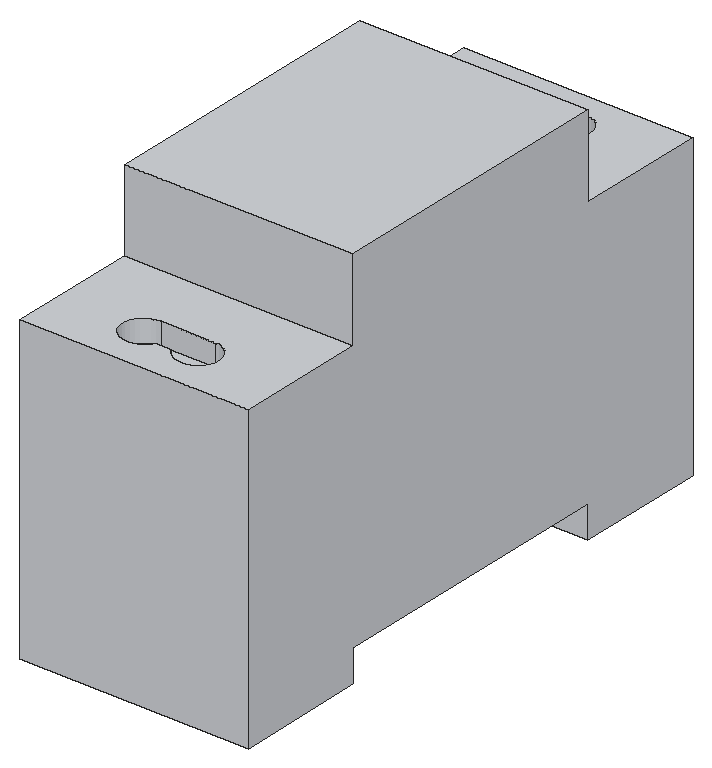
Revit family "Power-ModularDevices-GEWISS-90AM-CONTACTORS_25A", category Apparecchi elettrici, host Superficie, Revit 2016
Family settings
  Host = Superficie
  Mantenere orientamento annotazione = Sì
  Tipo di parte = Normale
  Quota connettore circolare = Usa diametro
  Numero OmniClass = 23.80.30.00
  Titolo OmniClass = Distribution Devices
  Taglio con vuoti quando caricato = No
  Condiviso = No
  Punto di calcolo locali = Sì
Parameters (values of type "GWD6718 - CONTACTOR 25A 3NO+1NC 230V 2M")
  dIST sIMBOLO [instance] = 6.4 mm  # constant formula
  Version file RFA = "18.0"
  URL = "https://www.gewiss.com/ww/en"
  Technical sheet = "https://www.gewiss.com/ww/en/search?q=GWD6718"
  TEXT LABEL = "A"
  Realized by GEWISS S.p.A. = ""
  Rated current (AC-1/AC-7a) = "25 A - CTR25"
  Default Elevation = 1219.2 mm
  Produttore = "GEWISS S.p.A."
  Potenza in Watt = 0 V
  Numero poli = 1
  No. Chorus modules = "2"
  Modello = "GWD6718"
  Immagine tipo = GWD6718.jpg
  IFC.TypeObject = ""
  IFC.ExportType = ""
  IFC.ExportAs = ""
  IDT = "92cc9d4e-eaa0-4e49-bd7b-0148e15aca92"
  IDF = "e388ba80-26c5-4a98-97bc-c528305914bb"
  Fin_contattore = none
  Electrocod = "1712                "
  EAN code = "8011564809529"
  Dist_dalla barra din [instance] = 5 mm
  Descrizione = "CONTACTOR 25A 3NO+1NC 230V 2M"
  D = 45 mm  # constant formula
  Control coil voltage (V) = "230Vac - 220Vdc"
  Contacts = "3NO+1NC"
  Catalogue Range = "90 AM"
  Catalogue = "POWER"
  COBie.Tagnumber = ""
  COBie.CreatedOn = ""
  COBie.CreatebBy = ""
  COBie.ComponentRegisterItemID = ""
  COBie.Component.TagNumber = ""
  COBie.Component.Space = ""
  COBie.Component.SerialNumber = ""
  COBie.Component.InstallationDate = ""
  COBie.Component.Description = ""
  COBie.Component.BarCode = ""
  C = 65 mm  # constant formula
  B = 85 mm  # constant formula
  A = 36 mm  # constant formula
Types (9, lengths in mm): name | URL | Technical sheet | Produttore | Modello | Immagine tipo | IDT | EAN code | Descrizione | Control coil voltage (V) | Contacts
  (no name) | 0 | "" | "GEWISS" | "GWD6711" | GWD6711.jpg | "" | "" | "CONTATTORE 25A 2NA 24V 2M" | "" | ""
  GWD6718 - CONTACTOR 25A 3NO+1NC 230V 2M | "https://www.gewiss.com/ww/en" | "https://www.gewiss.com/ww/en/search?q=GWD6718" | "GEWISS S.p.A." | "GWD6718" | GWD6718.jpg | "92cc9d4e-eaa0-4e49-bd7b-0148e15aca92" | "8011564809529" | "CONTACTOR 25A 3NO+1NC 230V 2M" | "230Vac - 220Vdc" | "3NO+1NC"
  GWD6717 - CONTACTOR 25A 4NC 230V 2M | "https://www.gewiss.com/ww/en" | "https://www.gewiss.com/ww/en/search?q=GWD6717" | "GEWISS S.p.A." | "GWD6717" | GWD6717.jpg | "13b386d9-c822-4b90-8b5e-df467a9eb324" | "8011564809512" | "CONTACTOR 25A 4NC 230V 2M" | "230Vac - 220Vdc" | "4NC"
  GWD6716 - CONTACTOR 25A 4NC 24V 2M | "https://www.gewiss.com/ww/en" | "https://www.gewiss.com/ww/en/search?q=GWD6716" | "GEWISS S.p.A." | "GWD6716" | GWD6716.jpg | "aa340196-3cff-4dbd-b89e-4bf7cbada71c" | "8011564809505" | "CONTACTOR 25A 4NC 24V 2M" | "24Vac/dc" | "4NC"
  GWD6715 - CONTACTOR 25A 4NO 230V 2M | "https://www.gewiss.com/ww/en" | "https://www.gewiss.com/ww/en/search?q=GWD6715" | "GEWISS S.p.A." | "GWD6715" | GWD6715.jpg | "f8dfd216-8e07-458e-b66b-ed774457881c" | "8011564809499" | "CONTACTOR 25A 4NO 230V 2M" | "230Vac - 220Vdc" | "4NO"
  GWD6714 - CONTACTOR 25A 4NO 24V 2M | "https://www.gewiss.com/ww/en" | "https://www.gewiss.com/ww/en/search?q=GWD6714" | "GEWISS S.p.A." | "GWD6714" | GWD6714.jpg | "89be62ce-ed07-41ab-8113-b13138362d1e" | "8011564809482" | "CONTACTOR 25A 4NO 24V 2M" | "24Vac/dc" | "4NO"
  GWD6713 - CONTACTOR 25A 3NO 230V 2M | "https://www.gewiss.com/ww/en" | "https://www.gewiss.com/ww/en/search?q=GWD6713" | "GEWISS S.p.A." | "GWD6713" | GWD6713.jpg | "e4818fe1-0f48-45ad-baaa-801f26c884b7" | "8011564809475" | "CONTACTOR 25A 3NO 230V 2M" | "230Vac - 220Vdc" | "3NO"
  GWD6712 - CONTACTOR 25A 2NO 230V 2M | "https://www.gewiss.com/ww/en" | "https://www.gewiss.com/ww/en/search?q=GWD6712" | "GEWISS S.p.A." | "GWD6712" | GWD6712.jpg | "4fa7000e-f968-4b49-97b3-0e936daefdb5" | "8011564809468" | "CONTACTOR 25A 2NO 230V 2M" | "230Vac - 220Vdc" | "2NO"
  GWD6711 - CONTACTOR 25A 2NO 24V 2M | "https://www.gewiss.com/ww/en" | "https://www.gewiss.com/ww/en/search?q=GWD6711" | "GEWISS S.p.A." | "GWD6711" | GWD6711.jpg | "8a776eae-281d-4c3d-b270-a2b49af7de6a" | "8011564809451" | "CONTACTOR 25A 2NO 24V 2M" | "24Vac/dc" | "2NO"
Values of the unnamed type that differ from the named types
  Version file RFA = ""
  TEXT LABEL = ""
  Rated current (AC-1/AC-7a) = ""
  No. Chorus modules = ""
  IDF = ""
  Electrocod = ""
  Catalogue Range = ""
  Catalogue = ""
Reference planes
  plane 1 "Centro (Fronte/Retro)": y = 0
  plane 2: z = 0
  plane 3 "Centro (Sinistra/Destra)": x = 0
Dimensions and locks
  aligned and locked: plane 2 to host face
  aligned and locked: level to host face
  aligned and locked: plane 3 "Centro (Sinistra/Destra)" to nested 1
  aligned and locked: plane 1 "Centro (Fronte/Retro)" to nested 1
Nested families
  nested 1: "90AM CONTATTORI 25A_generico" at (0, 0, 0), type "90AM CONTATTORI 25A_generico"
Connectors
  electrical at (0, 32.5, 46.465), driven by "Numero poli"
    settings: on nested 1, index 1, voltage 230 V, apparent load 0 VA, apparent load phase1 0 VA, apparent load phase2 0 VA, apparent load phase3 0 VA, power factor 1, load classification "Altro", number of poles 1, system type 31, power factor state 1, is connector primary yes, connector utility no, sub classification motor no, connector description ""
Definition of nested family "90AM CONTATTORI 25A_generico"
  Parameters (values of type "90AM CONTATTORI 25A_generico")
    interruttore = none
    gw96003/04 = yes
    Default Elevation = 1219.2 mm
    Finitura Amperometro = none
    DIST_DALLA BARRA = 5 mm
    D = 45 mm
    C = 59 mm
    B = 85 mm
    A = 35 mm
  Reference planes
    plane 1 "Centro (Fronte/Retro)": y = 0
    plane 2: z = 0
    plane 3 "Centro (Sinistra/Destra)": x = 0
    plane 4: y = -22.5
    plane 5: y = 22.5
    plane 6: y = -32.5
    plane 7: y = 32.5
    plane 8: y = -42.5
    plane 9: y = 42.5
    plane 10 "POSIZIONAMENTO FRONTALE": z = 59
    plane 11: z = 0
    plane 12: z = 5
    plane 13 "FOROMETRIA": z = 33.929
    plane 14 "POSIZIONAMENTO 2D": z = 46.465
    plane 15: x = -17.5
    plane 16: x = 17.5
    plane 17: through (0, -1524, 57.378) normal (-0.6412, 0, 0.7674)
    plane 18: z = 43.108
    plane 19 "aaaa": y = -8.75
  Forms (mm)
    Extrusion 1, solid, material <- "Finitura Amperometro"
      sketch origin (0, 0, 5) x (0, 1, 0) y (0, 0, 1)
        loop
          line (22.5, 54) -> (-22.5, 54) -> (-22.5, 41.465) -> (-42.5, 41.465) -> (-42.5, -5) -> (-22.5, -5) -> (-22.5, 0) -> (22.5, 0) -> (22.5, -5) -> (42.5, -5) -> (42.5, 41.465) -> (22.5, 41.465) -> (22.5, 54)
      from -17.5 to 17.5
    Extrusion 2, solid, material <- "Finitura Amperometro", detail levels coarse
      sketch origin (0, 0, 33.929) x (0, -1, 0) y (1, 0, 0)
        loop
          line (-42.5, -17.5) -> (42.5, -17.5) -> (42.5, 17.5) -> (-42.5, 17.5) -> (-42.5, -17.5)
      from -28.929 to 25.071
    Extrusion 3, solid, material <- "Finitura Amperometro", detail levels coarse
      sketch origin (0, 0, 0) x (0, 1, 0) y (0, 0, 1)
        loop
          line (-3.75, 57.378) -> (3.75, 57.378) -> (3.75, 59) -> (-3.75, 59) -> (-3.75, 57.378)
      from -4.396 to 4.396
    Extrusion 4, void
      sketch origin (0, 0, 46.465) x (0, -1, 0) y (1, 0, 0)
        loop
          arc (36.875, 1.18) -> (37.246, 6.866) -> (32.25, 4.125) r 3.25
          line (32.25, 4.125) -> (32.25, -4.125)
          arc (32.25, -4.125) -> (37.246, -6.866) -> (36.875, -1.18) r 3.25
          line (36.875, -1.18) -> (36.875, 1.18)
      from -3.357 to 0
    Extrusion 5, void
      sketch origin (0, 0, 46.465) x (0, -1, 0) y (1, 0, 0)
        loop
          arc (-32.25, 4.125) -> (-37.246, 6.866) -> (-36.875, 1.18) r 3.25
          line (-36.875, 1.18) -> (-36.875, -1.18)
          arc (-36.875, -1.18) -> (-37.246, -6.866) -> (-32.25, -4.125) r 3.25
          line (-32.25, -4.125) -> (-32.25, 4.125)
      from -3.357 to 0
  Cuts and joins
    Extrusion 4, Extrusion 5 cuts Extrusion 2
    Extrusion 4, Extrusion 5 cuts Extrusion 3
    joined: Extrusion 2, Extrusion 3
    Extrusion 4, Extrusion 5 cuts Extrusion 1
  Lines and regions (mm)
    model lines, not visible
      curve 1: circle (49.559, -27.168, 46.465) r 2.5 normal (0, 0, 1)
      curve 2: circle (49.559, 28.832, 46.465) r 2.5 normal (0, 0, 1)
      curve 3: line (50.459, -37.043, 46.465) -> (50.459, -38.843, 46.465)
      curve 4: line (50.459, -38.843, 46.465) -> (48.659, -38.843, 46.465)
      curve 5: line (48.659, -38.843, 46.465) -> (48.659, -37.043, 46.465)
      curve 6: line (48.659, -37.043, 46.465) -> (50.459, -37.043, 46.465)
      curve 7: line (50.459, 40.507, 46.465) -> (50.459, 38.707, 46.465)
      curve 8: line (50.459, 38.707, 46.465) -> (48.659, 38.707, 46.465)
      curve 9: line (48.659, 38.707, 46.465) -> (48.659, 40.507, 46.465)
      curve 10: line (48.659, 40.507, 46.465) -> (50.459, 40.507, 46.465)
      curve 11: line (40.559, 23.332, 46.465) -> (58.559, 23.332, 46.465)
      curve 12: line (49.069, -24.716, 46.465) -> (49.069, -26.617, 46.465)
      curve 13: line (49.069, -26.617, 46.465) -> (47.087, -26.79, 46.465)
      curve 14: line (49.07, -29.619, 46.465) -> (49.07, -27.718, 46.465)
      curve 15: line (49.07, -27.718, 46.465) -> (47.087, -27.545, 46.465)
      curve 16: line (52.03, -26.789, 46.465) -> (50.046, -26.617, 46.465)
      curve 17: line (50.046, -26.617, 46.465) -> (50.046, -24.716, 46.465)
      curve 18: line (52.03, -27.545, 46.465) -> (50.046, -27.718, 46.465)
      curve 19: line (50.046, -27.718, 46.465) -> (50.046, -29.62, 46.465)
      curve 20: line (49.069, 31.284, 46.465) -> (49.069, 29.383, 46.465)
      curve 21: line (49.069, 29.383, 46.465) -> (47.087, 29.21, 46.465)
      curve 22: line (49.07, 26.381, 46.465) -> (49.07, 28.282, 46.465)
      curve 23: line (49.07, 28.282, 46.465) -> (47.087, 28.455, 46.465)
      curve 24: line (52.03, 29.211, 46.465) -> (50.046, 29.383, 46.465)
      curve 25: line (50.046, 29.383, 46.465) -> (50.046, 31.284, 46.465)
      curve 26: line (52.03, 28.455, 46.465) -> (50.046, 28.282, 46.465)
      curve 27: line (50.046, 28.282, 46.465) -> (50.046, 26.38, 46.465)
      curve 28: line (58.559, -41.668, 46.465) -> (58.559, -21.668, 46.465)
      curve 29: line (58.559, 43.332, 46.465) -> (40.559, 43.332, 46.465)
      curve 30: line (40.559, 43.332, 46.465) -> (40.559, 23.332, 46.465)
      curve 31: line (40.559, -41.668, 46.465) -> (58.559, -41.668, 46.465)
      curve 32: line (40.559, -21.668, 46.465) -> (58.559, -21.668, 46.465)
      curve 33: line (40.559, -21.668, 46.465) -> (40.559, -41.668, 46.465)
      curve 34: line (58.559, 23.332, 46.465) -> (58.559, 43.332, 46.465)
    model lines, detail levels medium+fine
      curve 35: line (17.3, 3.114, 59) -> (5.033, 3.114, 59)
      curve 36: line (5.033, 3.114, 59) -> (5.033, 7.77, 59)
      curve 37: line (17.5, 7.77, 59) -> (-17.5, 7.77, 59)
      curve 38: line (17.5, -22.5, 59) -> (17.5, -3.002, 59)
      curve 39: line (-17.5, 21.998, 59) -> (-17.5, -0.307, 59)
      curve 40: line (-17.5, -22.5, 59) -> (17.5, -22.5, 59)
      curve 41: line (-17.5, -0.307, 59) -> (-17.5, -22.5, 59)
      curve 42: line (17.5, -3.002, 59) -> (17.5, 21.998, 59)
    model lines, not visible, detail levels medium+fine
      curve 43: line (50.753, -0.698, 59) -> (50.753, 2.302, 59)
      curve 44: line (50.753, 2.302, 59) -> (54.853, 2.302, 59)
      curve 45: line (54.853, 2.302, 59) -> (54.853, -0.698, 59)
      curve 46: line (54.853, -0.698, 59) -> (50.753, -0.698, 59)
      curve 47: line (57.253, -1.182, 59) -> (48.703, -1.182, 59)
      curve 48: line (48.703, -1.182, 59) -> (48.703, 3.473, 59)
      curve 49: line (57.453, 3.473, 59) -> (39.453, 3.473, 59)
      curve 50: line (39.453, 5.599, 59) -> (57.453, 5.599, 59)
      curve 51: line (57.453, -26.796, 59) -> (57.453, -7.298, 59)
      curve 52: line (39.453, 17.702, 59) -> (39.453, -4.603, 59)
      curve 53: line (39.453, -26.796, 59) -> (57.453, -26.796, 59)
      curve 54: line (39.453, -4.603, 59) -> (39.453, -26.796, 59)
      curve 55: line (57.453, -7.298, 59) -> (57.453, 17.702, 59)
    model lines
      curve 56: circle (-12.75, -35.426, 46.465) r 3.25 normal (0, 0, 1)
      curve 57: circle (12.75, -35.426, 46.465) r 3.25 normal (0, 0, 1)
      curve 58: circle (0, -27.926, 46.465) r 2.5 normal (0, 0, 1)
      curve 59: circle (-12.75, 35.574, 46.465) r 3.25 normal (0, 0, 1)
      curve 60: circle (12.75, 35.574, 46.465) r 3.25 normal (0, 0, 1)
      curve 61: circle (0, 28.074, 46.465) r 2.5 normal (0, 0, 1)
  Dimensions and locks
    equal spacing: plane 4, plane 1 "Centro (Fronte/Retro)", plane 5
    "D": plane 4 to plane 5
    "C": plane 11 to plane 10 "POSIZIONAMENTO FRONTALE"
    locked: plane 11 to plane 12 at 5
    "B": plane 8 to plane 9
    equal spacing: plane 8, plane 1 "Centro (Fronte/Retro)", plane 9
    plane 12 to plane 13 "FOROMETRIA" = 28.929 mm
    equal spacing: plane 10 "POSIZIONAMENTO FRONTALE", plane 14 "POSIZIONAMENTO 2D", plane 13 "FOROMETRIA"
    locked: plane 6 to plane 4 at 10
    locked: plane 5 to plane 7 at 10
    equal spacing: plane 15, plane 3 "Centro (Sinistra/Destra)", plane 16
    "A": plane 15 to plane 16
    "DIST_DALLA BARRA": plane 2 to plane 12
    plane 8 to plane 6 = 10 mm
    locked: plane 14 "POSIZIONAMENTO 2D" to plane 18 at 3.357
    aligned and locked: level to plane 2
    aligned and locked: plane 4 to Extrusion 1 sketch curve
    aligned and locked: plane 5 to Extrusion 1 sketch curve
    aligned and locked: plane 8 to Extrusion 1 sketch curve
    aligned and locked: plane 9 to Extrusion 1 sketch curve
    aligned and locked: plane 12 to Extrusion 1 sketch curve
    aligned and locked: plane 11 to Extrusion 1 sketch curve  (x2)
    aligned and locked: plane 14 "POSIZIONAMENTO 2D" to Extrusion 1 sketch curve
    aligned and locked: Extrusion 1 sketch curve to plane 14 "POSIZIONAMENTO 2D"
    aligned and locked: plane 15 to Extrusion 1
    aligned and locked: Extrusion 1 to plane 16
    aligned and locked: plane 16 to Extrusion 2 sketch curve
    aligned and locked: plane 9 to Extrusion 2 sketch curve
    aligned and locked: Extrusion 2 sketch curve to plane 15
    aligned and locked: Extrusion 2 sketch curve to plane 8
    aligned and locked: Extrusion 2 to plane 10 "POSIZIONAMENTO FRONTALE"
    aligned and locked: plane 12 to Extrusion 2
    aligned and locked: Extrusion 4 to plane 18
    aligned and locked: plane 14 "POSIZIONAMENTO 2D" to cut or joined group of Extrusion 2, Extrusion 3, Extrusion 4, Extrusion 5  (x2)
    aligned and locked: Extrusion 4 to Extrusion 5
    aligned and locked: Extrusion 1 sketch curve to plane 10 "POSIZIONAMENTO FRONTALE"
  Automatic sketch dimensions
    plane 10 "POSIZIONAMENTO FRONTALE" to Extrusion 3 sketch curve = 0 mm
    Extrusion 3 sketch curve to plane 1 "Centro (Fronte/Retro)" = 3.75 mm
    plane 1 "Centro (Fronte/Retro)" to Extrusion 3 sketch curve = 3.75 mm
    plane 10 "POSIZIONAMENTO FRONTALE" to Extrusion 3 sketch curve = 1.622 mm
    Extrusion 4 sketch curve to plane 6 = 0.25 mm
    plane 6 to Extrusion 4 sketch curve = 3 mm  (x2)
    Extrusion 4 sketch curve to plane 3 "Centro (Sinistra/Destra)" = 1.18 mm
    Extrusion 4 sketch curve to Extrusion 4 sketch curve = 1.375 mm
    plane 3 "Centro (Sinistra/Destra)" to Extrusion 4 sketch curve = 1.18 mm
    plane 3 "Centro (Sinistra/Destra)" to Extrusion 5 sketch curve = 1.18 mm
    Extrusion 5 sketch curve to plane 7 = 4.375 mm
    Extrusion 5 sketch curve to plane 7 = 3 mm  (x2)
    plane 7 to Extrusion 5 sketch curve = 0.25 mm
    Extrusion 5 sketch curve to plane 3 "Centro (Sinistra/Destra)" = 1.18 mm
    curve 39 to curve 35 = 22.791 mm  (x2)
    curve 40 to curve 38 = 35 mm
    curve 38 to curve 38 = 19.498 mm
    curve 38 to curve 41 = 35.104 mm
    curve 52 to curve 47 = 9.25 mm
    curve 48 to curve 43 = 2.05 mm
    curve 43 to curve 45 = 4.1 mm
    curve 53 to curve 51 = 18 mm
    curve 51 to curve 51 = 19.498 mm
    curve 51 to curve 54 = 2.695 mm
    curve 52 to curve 47 = 3.421 mm
    curve 47 to curve 46 = 0.484 mm
    curve 43 to curve 44 = 3 mm
    curve 45 to curve 47 = 2.4 mm
    curve 43 to curve 48 = 1.171 mm
    curve 49 to curve 50 = 2.126 mm
    curve 50 to curve 55 = 12.103 mm
    curve 50 to curve 52 = 12.103 mm
    curve 59 to plane 7 = 3.074 mm
    curve 60 to plane 7 = 3.074 mm
    plane 6 to curve 56 = 2.926 mm
    plane 6 to curve 57 = 2.926 mm
    plane 16 to curve 56 = 30.25 mm
    plane 16 to curve 59 = 30.25 mm
    curve 37 to plane 15 = 0 mm
    curve 37 to plane 16 = 0 mm
    plane 4 to curve 40 = 0 mm
    plane 3 "Centro (Sinistra/Destra)" to curve 36 = 5.033 mm
    plane 1 "Centro (Fronte/Retro)" to curve 38 = 3.002 mm
    plane 1 "Centro (Fronte/Retro)" to curve 39 = 0.307 mm
    curve 35 to plane 1 "Centro (Fronte/Retro)" = 3.114 mm
    plane 16 to curve 35 = 0.2 mm
    plane 5 to curve 42 = 0.502 mm
    plane 5 to curve 39 = 0.502 mm
    curve 58 to plane 3 "Centro (Sinistra/Destra)" = 0 mm
    curve 58 to plane 6 = 4.574 mm
    plane 16 to curve 57 = 4.75 mm
    curve 61 to plane 3 "Centro (Sinistra/Destra)" = 0 mm
    plane 7 to curve 61 = 4.426 mm
    plane 16 to curve 60 = 4.75 mm
    curve 37 to plane 1 "Centro (Fronte/Retro)" = 7.77 mm
    Extrusion 1 sketch curve to plane 4 = 0 mm
    Extrusion 1 sketch curve to plane 5 = 0 mm
    radius of curve 56 = 3.25 mm
    radius of curve 57 = 3.25 mm
    radius of curve 59 = 3.25 mm
    radius of curve 60 = 3.25 mm
    radius of curve 58 = 2.5 mm
    radius of curve 61 = 2.5 mm
